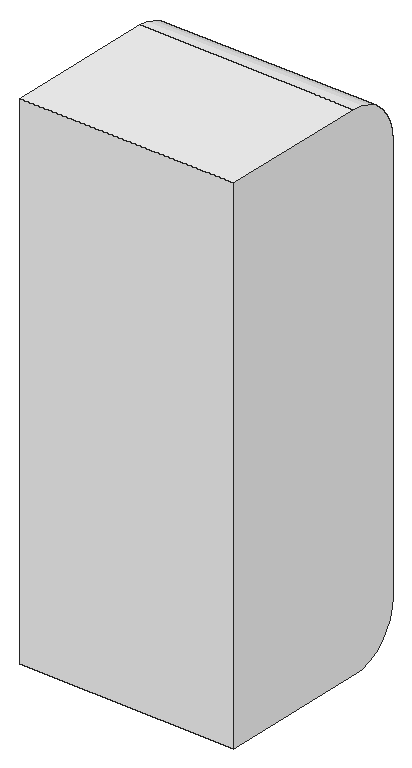
Revit family "Contador de rayos", category Equipos especializados, Revit 2017
Family settings
  Cota de conector redondo = Diámetro de uso
  Tipo de pieza = Normal
  Se basa en plano de trabajo = Sí
  Siempre vertical = Sí
  Corte con vacíos al cargar = No
  Compartido = Sí
  Punto de cálculo de habitación = No
Parameters
  URL = "https://at3w.com/"
  Temperatura [instance] = "-25 a 70 ºC"  # constant formula
  Registro [instance] = "Mínimo 1 kA (8/20 us)"  # constant formula
  Referencia AT [instance] = "AT-034G"  # constant formula
  Peso (kg) [instance] = 1  # constant formula
  Model = ""
  Material [instance] = Policarbonato
  Incluye [instance] = "Plancha soporte y 4 tornillos M4 x 25"  # constant formula
  Fabricante = "APLICACIONES TECNOLÓGICAS"  # constant formula
  Default Elevation = 1219.2 mm
  Dimensiones (mm) [instance] = "156 x 66 x 61"  # constant formula
  Descripción = "Contador mecánico de rayos. Ref. AT-034G"  # constant formula
  Código de montaje = "2.1"
  Contaje [instance] = "0...999999"  # constant formula
  Alimentación [instance] = "No precisa, es totalmente autónomo"  # constant formula
Reference planes
  plane 1 "Centro (Frontal/Posterior)": y = 0
  plane 2: z = 0
  plane 3 "Centro (Izquierda/Derecha)": x = 0
Forms (mm)
  Extrusion 1, solid, material "Policarbonato" <- "Material"
    sketch origin (0, 0, 0) x (0, 1, 0) y (0, 0, 1)
      loop
        line (0, 0) -> (46, 0)
        arc (46, 0) -> (56.607, 4.393) -> (61, 15) r 15
        line (61, 15) -> (61, 141)
        arc (61, 141) -> (56.607, 151.607) -> (46, 156) r 15
        line (46, 156) -> (0, 156) -> (0, 0)
    from -33 to 33
  Extrusion 2, void
    sketch origin (0, 0, 0) x (1, 0, 0) y (0, 0, 1)
      loop
        circle (-23, 141) r 3
      loop
        circle (23, 141) r 3
      loop
        circle (-23, 15) r 3
      loop
        circle (23, 15) r 3
    from -63.872 to -56.839
Cuts and joins
  Extrusion 2 cuts Extrusion 1
Dimensions and locks
  aligned and locked: level to plane 2
